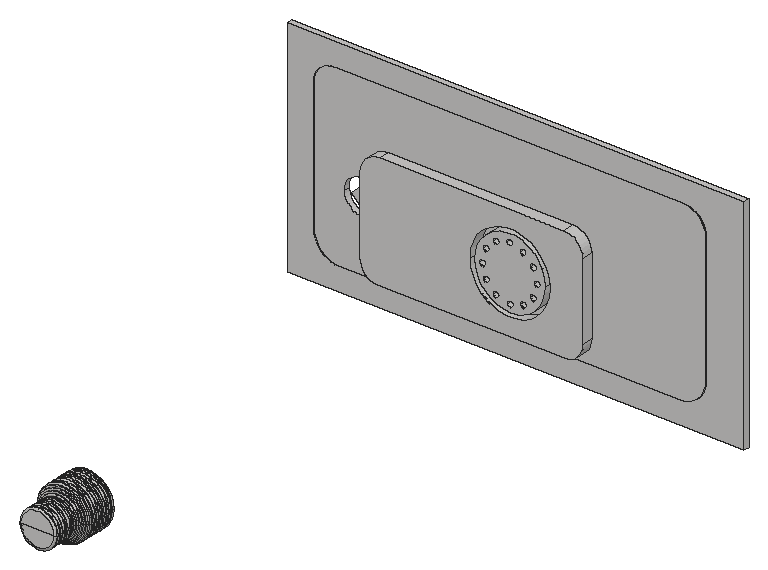
Revit family
Parameters (values of type "5519")
  Weight (lb) = 6.86
  Warranty = "1 year material and workmanship"  # constant formula
  Wall Handle = yes
  URL = "http://www.jrsmith.com"
  Technical and Installation = "http://jrsmith.com/products/hyd/hydrants_techdata/hydrants_technical_data.htm"
  SmartBIM Object Version = 3  # constant formula
  SmartBIM Object Created By = "Reed Construction Data"  # constant formula
  OmniClass Title = "Facility Water Distribution and Piping"  # constant formula
  OmniClass Code = "22-22 11 13"  # constant formula
  Model = "5519"  # constant formula
  Material Finish = Duco coated
  Material = Stainless Steel
  Manufacturer = "Jay R. Smith Mfg. Co. "  # constant formula
  Height = 0' - 5"
  Flow Rate = ""
  Drop Down Door = yes
  Description = "Bronze quarter turn non-freeze automatic draining"  # constant formula
  Assembly Code = "D2020300"
  Action = "Key Quarter Turn"  # constant formula
  95 CSI = "15100"  # constant formula
  04 CSI = "22 11 13"  # constant formula
Reference planes (in)
  plane 1: y = 0
  plane 2 "Center (Left/Right)": x = 0
  plane 3 "Wall Edge": y = 6
  plane 4: x = -5.125
  plane 5: x = 5.125
  plane 6: z = 41
  plane 7: z = 38.5
  plane 8: y = 6.125
  plane 9: y = 4.75
  plane 10: x = -3.32356
  plane 11: z = 36
  plane 12: x = -0.93635
  plane 13: x = 0.93635
Forms (in)
  Extrusion 1, void
    sketch origin (0, 6, 0) x (1, 0, 0) y (0, 0, 1)
      loop
        arc (4.27408, 40) -> (4.12764, 40.35355) -> (3.77408, 40.5) r 0.5
        line (3.77408, 40.5) -> (-4.04742, 40.5)
        arc (-4.04742, 40.5) -> (-4.40097, 40.35355) -> (-4.54742, 40) r 0.5
        line (-4.54742, 40) -> (-4.54742, 37.09822)
        arc (-4.54742, 37.09822) -> (-4.37221, 36.67522) -> (-3.9492, 36.5) r 0.59822
        line (-3.9492, 36.5) -> (3.67025, 36.5)
        arc (3.67025, 36.5) -> (4.09722, 36.67686) -> (4.27408, 37.10383) r 0.60383
        line (4.27408, 37.10383) -> (4.27408, 40)
    from 0 to 1.25
  Extrusion 2, solid, material "Stainless Steel", visible <- "Drop Down Door"
    sketch origin (0, 6, 0) x (1, 0, 0) y (0, 0, 1)
      loop
        circle (-3.45132, 38.08625) r 0.39642
      loop
        line (-3.43895, 38.32734) -> (-3.68121, 38.08508) -> (-3.46544, 37.86931) -> (-3.22318, 38.11157) -> (-3.43895, 38.32734)
      loop
        line (4.27408, 37.10383) -> (4.27408, 40)
        arc (4.27408, 40) -> (4.12764, 40.35355) -> (3.77408, 40.5) r 0.5
        line (3.77408, 40.5) -> (-4.04742, 40.5)
        arc (-4.04742, 40.5) -> (-4.40097, 40.35355) -> (-4.54742, 40) r 0.5
        line (-4.54742, 40) -> (-4.54742, 37.09822)
        arc (-4.54742, 37.09822) -> (-4.37221, 36.67522) -> (-3.9492, 36.5) r 0.59822
        line (-3.9492, 36.5) -> (3.67025, 36.5)
        arc (3.67025, 36.5) -> (4.09722, 36.67686) -> (4.27408, 37.10383) r 0.60383
    from -0.125 to 0
  Extrusion 3, solid, material "Stainless Steel"
    sketch origin (0, 6, 0) x (1, 0, 0) y (0, 0, 1)
      loop
        line (5.125, 36) -> (5.125, 41) -> (-5.125, 41) -> (-5.125, 36) -> (5.125, 36)
      loop
        arc (4.27408, 40) -> (4.12764, 40.35355) -> (3.77408, 40.5) r 0.5
        line (3.77408, 40.5) -> (-4.04742, 40.5)
        arc (-4.04742, 40.5) -> (-4.40097, 40.35355) -> (-4.54742, 40) r 0.5
        line (-4.54742, 40) -> (-4.54742, 37.09822)
        arc (-4.54742, 37.09822) -> (-4.37221, 36.67522) -> (-3.9492, 36.5) r 0.59822
        line (-3.9492, 36.5) -> (3.67025, 36.5)
        arc (3.67025, 36.5) -> (4.09722, 36.67686) -> (4.27408, 37.10383) r 0.60383
        line (4.27408, 37.10383) -> (4.27408, 40)
    from -0.125 to 0
  Sweep 4, solid, material "Stainless Steel", visible <- "Drop Down Door"
    path origin (0.125, 6, 0) x (1, 0, 0) y (0, 0, 1)
      loop
        line (-1.06135, 36.5) -> (0.81135, 36.5)
    profile origin (0, 6, 36.5) x (0, 0, 1) y (0, -1, 0)
      loop
        line (0.05446, -0.125) -> (-0.0629, -0.125)
        arc (-0.0629, -0.125) -> (-0.00422, -0.23701) -> (0.05446, -0.125) r 0.07138
Text (in)
  text "Placement Side" at (0, 40.15149, 123.01588), in view "Right"
  text "Placement Side" at (-74.33339, 97.92474, 0), in view "Ref. Level"
  text "Placement Side" at (0, 81.62555, 140.59947), in view "Left"
Dimensions and locks (in)
  locked: plane 3 "Wall Edge" to host wall
  equal spacing: plane 4, plane 2 "Center (Left/Right)", plane 5
  locked: plane 4 to plane 5 at 10.25
  locked: plane 3 "Wall Edge" to plane 8 at 0.125
  locked: plane 9 to plane 3 "Wall Edge" at 1.25
  locked: plane 10 to plane 4 at 1.80144
  equal spacing: plane 11, plane 7, plane 6
  "Height": plane 11 to plane 6
  locked: level to plane 11 at 36
  Extrusion 3 sketch curve to Extrusion 3 sketch curve = 0' - 0 1/2"
  locked: Extrusion 3 sketch curve to Extrusion 3 sketch curve at 0.5
  locked: plane 12 to plane 5 at 6.06135
  locked: plane 4 to plane 13 at 6.06135
  aligned and locked: plane 3 "Wall Edge" to Extrusion 2
  aligned and locked: plane 8 to Extrusion 2
  aligned and locked: plane 9 to Extrusion 1
  aligned and locked: nested 1 to plane 9
  aligned and locked: nested 1 to plane 2 "Center (Left/Right)"
  aligned and locked: plane 7 to nested 2
  aligned and locked: plane 7 to nested 1
  aligned and locked: plane 8 to Extrusion 3
  aligned and locked: plane 3 "Wall Edge" to Extrusion 3
  aligned and locked: plane 5 to Extrusion 3
  aligned and locked: plane 6 to Extrusion 3
  aligned and locked: Extrusion 3 to plane 4
  aligned and locked: Extrusion 3 sketch curve to plane 11
  aligned and locked: Extrusion 1 sketch curve to Extrusion 3
  aligned and locked: Extrusion 2 to Extrusion 3
  aligned and locked: Sweep 4 to Extrusion 3
  aligned and locked: Sweep 4 sketch curve to Extrusion 3
  aligned and locked: Sweep 4 sketch curve to plane 12
  aligned and locked: Sweep 4 sketch curve to plane 13
Automatic sketch dimensions
  Extrusion 2 sketch curve to plane 7 = 0' - 0.41492"
  Extrusion 2 sketch curve to plane 10 = 0' - 0.35765"
  Extrusion 2 sketch curve to plane 10 = 0' - 0.14188"
  Extrusion 2 sketch curve to plane 10 = 0' - 0.12776"
  Extrusion 2 sketch curve to plane 10 = 0' - 0.11539"
  Extrusion 2 sketch curve to plane 7 = 0' - 0.63069"
  Extrusion 2 sketch curve to plane 7 = 0' - 0.41375"
  Extrusion 3 sketch curve to plane 10 = 0' - 0.62564"
  Extrusion 3 sketch curve to Extrusion 3 sketch curve = 0' - 0.60383"
  Extrusion 1 sketch curve to plane 10 = 0' - 0.62564"
  Extrusion 1 sketch curve to Extrusion 1 sketch curve = 0' - 0.60383"
  Extrusion 2 sketch curve to plane 10 = 0' - 0.62564"
  Extrusion 2 sketch curve to plane 10 = 0' - 0.72386"
  plane 4 to Extrusion 2 sketch curve = 0' - 0.57758"
  plane 11 to Extrusion 2 sketch curve = 0' - 0 1/2"
  Extrusion 2 sketch curve to plane 5 = 0' - 1.45475"
  Extrusion 2 sketch curve to plane 6 = 0' - 0 1/2"
  Extrusion 2 sketch curve to plane 5 = 0' - 1.35092"
  Extrusion 2 sketch curve to Extrusion 2 sketch curve = 0' - 0 1/2"
  Extrusion 3 sketch curve to plane 4 = 0' - 0"
  Extrusion 3 sketch curve to plane 5 = 0' - 0"
  Extrusion 3 sketch curve to plane 6 = 0' - 0"
  plane 4 to Extrusion 3 sketch curve = 0' - 0.57758"
  Extrusion 3 sketch curve to Extrusion 3 sketch curve = 0' - 0 1/2"  (x2)
  Extrusion 3 sketch curve to plane 5 = 0' - 1.45475"
  Extrusion 3 sketch curve to plane 6 = 0' - 1"
  Extrusion 1 sketch curve to plane 10 = 0' - 0.72386"
  plane 4 to Extrusion 1 sketch curve = 0' - 0.57758"
  Extrusion 1 sketch curve to plane 5 = 0' - 1.45475"
  Extrusion 1 sketch curve to Extrusion 1 sketch curve = 0' - 0 1/2"
  Extrusion 1 sketch curve to plane 6 = 0' - 1"
  profile plane to Sweep 4 sketch curve = 0' - 0.0629"
  profile plane to Sweep 4 sketch curve = 0' - 0.00422"
  Sweep 4 sketch curve to plane 3 "Wall Edge" = 0' - 0.16564"
  Sweep 4 sketch curve to plane 3 "Wall Edge" = 0' - 0 1/8"
  radius of Extrusion 2 sketch curve = 0' - 0.39642"
Nested families (in)
  nested 1: "Family3" at (0, 4.75, 37.33738) x (-1, 0, 0) z (0, 0, 1), type "Family3"
  nested 2: "NPT Inlet" at (0, -7.42531, 38.5) x (-1, 0, 0) z (0, 0, 1), type "NPT Inlet"
Definition of nested family "Family3"
  Parameters (values of type "Family3")
    Quarter Turn = yes
    Hydrant = Stainless Steel
    Assembly Code = ""
  Reference planes (in)
    plane 1 "Center (Front/Back)": y = 0
    plane 2: z = 0
    plane 3 "Center (Left/Right)": x = 0
    plane 4: y = -0.25
    plane 5: y = -0.30088
    plane 6: y = -0.42125
    plane 7: z = 1.16262
  Forms (in)
    Extrusion 1, solid, material "Stainless Steel" <- "Hydrant"
      sketch origin (3.41002, 0, 0) x (1, 0, 0) y (0, 0, 1)
        loop
          arc (-5.49852, 2.56742) -> (-5.79263, 2.44559) -> (-5.91446, 2.15148) r 0.41593
          line (-5.91446, 2.15148) -> (-5.91446, 0.41478)
          arc (-5.91446, 0.41478) -> (-5.79514, 0.12673) -> (-5.50709, 0.00742) r 0.40737
          line (-5.50709, 0.00742) -> (-1.30904, 0.00742)
          arc (-1.30904, 0.00742) -> (-1.03003, 0.12299) -> (-0.91446, 0.402) r 0.39459
          line (-0.91446, 0.402) -> (-0.91446, 2.13463)
          arc (-0.91446, 2.13463) -> (-1.04122, 2.44066) -> (-1.34725, 2.56742) r 0.43279
          line (-1.34725, 2.56742) -> (-5.49852, 2.56742)
        loop
          circle (-4.29096, 1.28868) r 0.8993
        loop
          circle (-4.29096, 1.28868) r 0.79427
        loop
          circle (-4.81973, 1.59145) r 0.06629
        loop
          circle (-4.58247, 1.80528) r 0.06629
        loop
          circle (-4.28399, 1.90039) r 0.06629
        loop
          circle (-3.97965, 1.81808) r 0.06629
        loop
          circle (-3.75387, 1.59621) r 0.06629
        loop
          circle (-3.67435, 1.27598) r 0.06629
        loop
          circle (-3.75752, 0.97546) r 0.06629
        loop
          circle (-3.98013, 0.74505) r 0.06629
        loop
          circle (-4.29603, 0.66306) r 0.06629
        loop
          circle (-4.5946, 0.75143) r 0.06629
        loop
          circle (-4.81347, 0.97029) r 0.06629
        loop
          circle (-4.90023, 1.27846) r 0.06629
      from 0 to 0.25
    Extrusion 2, solid, material "Stainless Steel" <- "Hydrant"
      sketch origin (3.41002, 0, 0) x (1, 0, 0) y (0, 0, 1)
        loop
          circle (-4.27924, 1.29168) r 0.52607
        loop
          circle (-4.27924, 1.29168) r 0.48022
      from 0 to 0.35746
    Extrusion 3, solid, material "Stainless Steel" <- "Hydrant"
      sketch origin (3.41002, 0, 0) x (1, 0, 0) y (0, 0, 1)
        loop
          circle (-4.28624, 1.2828) r 0.25
      from 0 to 0.35746
    Extrusion 4, solid, material "Stainless Steel" <- "Hydrant"
      sketch origin (3.41002, 0, 0) x (1, 0, 0) y (0, 0, 1)
        loop
          circle (-5.15871, 2.15696) r 0.20807
        loop
          line (-5.10507, 2.10141) -> (-5.08378, 2.17565) -> (-5.13743, 2.2312) -> (-5.21236, 2.21252) -> (-5.23365, 2.13828) -> (-5.18, 2.08272) -> (-5.10507, 2.10141)
        loop
          circle (-1.65871, 2.15696) r 0.20807
        loop
          line (-1.60507, 2.10141) -> (-1.58378, 2.17565) -> (-1.63743, 2.2312) -> (-1.71236, 2.21252) -> (-1.73365, 2.13828) -> (-1.68, 2.08272) -> (-1.60507, 2.10141)
        loop
          circle (-1.65871, 0.40696) r 0.20807
        loop
          line (-1.60507, 0.35141) -> (-1.58378, 0.42565) -> (-1.63743, 0.4812) -> (-1.71236, 0.46252) -> (-1.73365, 0.38828) -> (-1.68, 0.33272) -> (-1.60507, 0.35141)
        loop
          circle (-5.15871, 0.40696) r 0.20807
        loop
          line (-5.10507, 0.35141) -> (-5.08378, 0.42565) -> (-5.13743, 0.4812) -> (-5.21236, 0.46252) -> (-5.23365, 0.38828) -> (-5.18, 0.33272) -> (-5.10507, 0.35141)
      from 0.25 to 0.35746
    Extrusion 5, solid, material "Stainless Steel" <- "Hydrant"
      sketch origin (-3.3556, 0, 0.07812) x (1, 0, 0) y (0, 0, 1)
        loop
          circle (4.34742, 1.18603) r 0.5
        loop
          circle (4.34742, 1.18603) r 0.43701
        loop
          line (4.19336, 1.3345) -> (4.19336, 1.05326) -> (4.47273, 1.05326) -> (4.47273, 1.3345) -> (4.19336, 1.3345)
        loop
          circle (4.34742, 1.18603) r 0.08594
        loop
          circle (4.34742, 1.18603) r 0.05111
      from 0 to 0.35746
    Extrusion 6, solid, material "Stainless Steel" <- "Hydrant", visible <- "Quarter Turn"
      sketch origin (3.41002, 0, 0) x (1, 0, 0) y (0, 0, 1)
        loop
          arc (-3.23683, 0.99944) -> (-3.12367, 0.77365) -> (-2.94973, 0.59055) r 0.8587
          line (-2.94973, 0.59055) -> (-1.61406, 1.56097)
          arc (-1.61406, 1.56097) -> (-1.73445, 1.78298) -> (-1.91422, 1.96037) r 0.8587
          line (-1.91422, 1.96037) -> (-3.23683, 0.99944)
      from 0.25 to 0.63704
    Extrusion 7, solid, material "Stainless Steel" <- "Hydrant", visible <- "Quarter Turn"
      sketch origin (3.41002, 0, 0) x (1, 0, 0) y (0, 0, 1)
        loop
          circle (-2.42091, 1.26709) r 0.8587
      from 0.25 to 0.42125
  Cuts and joins
    joined: Extrusion 1, Extrusion 2, Extrusion 3, Extrusion 4, Extrusion 5
    joined: Extrusion 6, Extrusion 7
  Dimensions and locks (in)
    locked: plane 1 "Center (Front/Back)" to plane 4 at 0.25
    locked: Extrusion 3 to plane 1 "Center (Front/Back)" at 0.35746
    Extrusion 2 to plane 1 "Center (Front/Back)" = 0' - 0.35746"
    locked: plane 6 to cut or joined group of Extrusion 1, Extrusion 2, Extrusion 3, Extrusion 4, Extrusion 5 at 0.06379
    aligned and locked: Extrusion 4 to cut or joined group of Extrusion 1, Extrusion 2, Extrusion 3, Extrusion 4, Extrusion 5  (x2)
    aligned and locked: plane 4 to cut or joined group of Extrusion 1, Extrusion 2, Extrusion 3, Extrusion 4, Extrusion 5
    aligned and locked: cut or joined group of Extrusion 1, Extrusion 2, Extrusion 3, Extrusion 4, Extrusion 5 to Extrusion 5
    aligned and locked: plane 4 to Extrusion 6
    aligned and locked: plane 4 to Extrusion 7
    aligned and locked: Extrusion 7 to plane 6
    aligned and locked: Extrusion 6 sketch curve to Extrusion 7  (x2)
Definition of nested family "NPT Inlet"
  Parameters (values of type "NPT Inlet")
    Hydrant = Stainless Steel
    Assembly Code = ""
  Reference planes (in)
    plane 1 "Center (Front/Back)": y = 0
    plane 2: z = 0
    plane 3 "Center (Left/Right)": x = 0
  Forms (in)
    Revolve 1, solid, material "Stainless Steel" <- "Hydrant"
      sketch origin (-1.15658, -13.48369, 0) x (-1, 0, 0) y (0, -1, 0)
        loop
          line (-1.15658, -13.48545) -> (-0.78444, -13.48545)
          arc (-0.78444, -13.48545) -> (-0.75847, -13.47416) -> (-0.74902, -13.44746) r 0.03551
          arc (-0.74902, -13.44746) -> (-0.76022, -13.42396) -> (-0.78444, -13.41442) r 0.03551
          arc (-0.78444, -13.41442) -> (-0.75713, -13.40161) -> (-0.74953, -13.37242) r 0.03551
          arc (-0.74953, -13.37242) -> (-0.76174, -13.3516) -> (-0.78444, -13.34339) r 0.03551
          arc (-0.78444, -13.34339) -> (-0.75668, -13.33002) -> (-0.74982, -13.29998) r 0.03551
          arc (-0.74982, -13.29998) -> (-0.7623, -13.28011) -> (-0.78444, -13.27237) r 0.03551
          arc (-0.78444, -13.27237) -> (-0.75668, -13.25899) -> (-0.74982, -13.22895) r 0.03551
          arc (-0.74982, -13.22895) -> (-0.7623, -13.20909) -> (-0.78444, -13.20134) r 0.03551
          arc (-0.78444, -13.20134) -> (-0.7623, -13.19359) -> (-0.74982, -13.17373) r 0.03551
          arc (-0.74982, -13.17373) -> (-0.75668, -13.14368) -> (-0.78444, -13.13031) r 0.03551
          arc (-0.78444, -13.13031) -> (-0.75668, -13.11694) -> (-0.74982, -13.08689) r 0.03551
          arc (-0.74982, -13.08689) -> (-0.7623, -13.06703) -> (-0.78444, -13.05928) r 0.03551
          arc (-0.78444, -13.05928) -> (-0.7623, -13.05153) -> (-0.74982, -13.03167) r 0.03551
          arc (-0.74982, -13.03167) -> (-0.75668, -13.00162) -> (-0.78444, -12.98825) r 0.03551
          arc (-0.78444, -12.98825) -> (-0.76509, -12.98252) -> (-0.75199, -12.96717) r 0.03551
          arc (-0.75199, -12.96717) -> (-0.74937, -12.94715) -> (-0.75808, -12.92894) r 0.03551
          arc (-0.75808, -12.92894) -> (-0.7349, -12.93802) -> (-0.71373, -12.92493) r 0.02784
          arc (-0.71373, -12.92493) -> (-0.70985, -12.90637) -> (-0.71876, -12.88963) r 0.02784
          arc (-0.71876, -12.88963) -> (-0.69558, -12.8987) -> (-0.67441, -12.88561) r 0.02784
          arc (-0.67441, -12.88561) -> (-0.67053, -12.86705) -> (-0.67944, -12.85031) r 0.02784
          arc (-0.67944, -12.85031) -> (-0.65627, -12.85938) -> (-0.6351, -12.84629) r 0.02784
          arc (-0.6351, -12.84629) -> (-0.63122, -12.82773) -> (-0.64012, -12.81099) r 0.02784
          arc (-0.64012, -12.81099) -> (-0.61834, -12.82015) -> (-0.59736, -12.80928) r 0.02784
          arc (-0.59736, -12.80928) -> (-0.59208, -12.78731) -> (-0.60482, -12.76866) r 0.02784
          arc (-0.60482, -12.76866) -> (-0.58275, -12.76097) -> (-0.57024, -12.74123) r 0.03551
          arc (-0.57024, -12.74123) -> (-0.577, -12.71107) -> (-0.60482, -12.69763) r 0.03551
          arc (-0.60482, -12.69763) -> (-0.57827, -12.68571) -> (-0.56955, -12.65794) r 0.03551
          arc (-0.56955, -12.65794) -> (-0.58123, -12.63557) -> (-0.60482, -12.6266) r 0.03551
          arc (-0.60482, -12.6266) -> (-0.57802, -12.61439) -> (-0.56965, -12.58615) r 0.03551
          arc (-0.56965, -12.58615) -> (-0.58152, -12.56429) -> (-0.60482, -12.55557) r 0.03551
          arc (-0.60482, -12.55557) -> (-0.57706, -12.5422) -> (-0.5702, -12.51216) r 0.03551
          arc (-0.5702, -12.51216) -> (-0.58268, -12.49229) -> (-0.60482, -12.48454) r 0.03551
          arc (-0.60482, -12.48454) -> (-0.57868, -12.47307) -> (-0.56943, -12.44605) r 0.03551
          arc (-0.56943, -12.44605) -> (-0.58078, -12.42289) -> (-0.60482, -12.41352) r 0.03551
          arc (-0.60482, -12.41352) -> (-0.58268, -12.40577) -> (-0.5702, -12.3859) r 0.03551
          arc (-0.5702, -12.3859) -> (-0.57706, -12.35586) -> (-0.60482, -12.34249) r 0.03551
          arc (-0.60482, -12.34249) -> (-0.57758, -12.32976) -> (-0.56986, -12.30071) r 0.03551
          arc (-0.56986, -12.30071) -> (-0.58203, -12.27974) -> (-0.60482, -12.27146) r 0.03551
          arc (-0.60482, -12.27146) -> (-0.57841, -12.25968) -> (-0.56951, -12.23216) r 0.03551
          arc (-0.56951, -12.23216) -> (-0.58108, -12.20953) -> (-0.60482, -12.20043) r 0.03551
          arc (-0.60482, -12.20043) -> (-0.57839, -12.18863) -> (-0.56952, -12.16108) r 0.03551
          arc (-0.56952, -12.16108) -> (-0.5811, -12.13848) -> (-0.60482, -12.1294) r 0.03551
          arc (-0.60482, -12.1294) -> (-0.58511, -12.12343) -> (-0.57203, -12.10752) r 0.03551
          arc (-0.57203, -12.10752) -> (-0.57528, -12.07418) -> (-0.60482, -12.05838) r 0.03551
          line (-0.60482, -12.05838) -> (-0.71472, -12.05838) -> (-0.71472, -12.69763) -> (-0.84857, -12.85715) -> (-1.15658, -12.85715) -> (-1.15658, -13.48545)
        axis (-1.15658, -13.48545) -> (-1.15658, -12.05838)
      angle from 0 to 360
